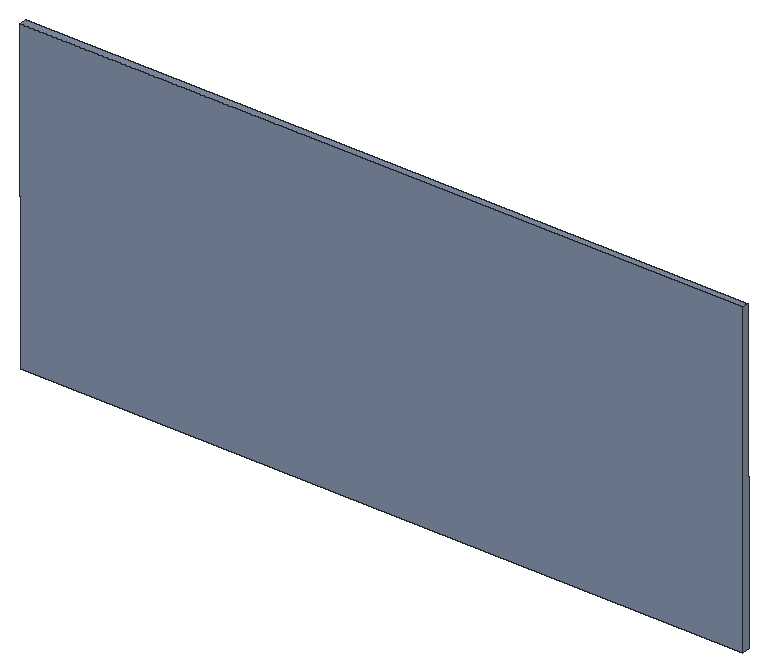
Revit family "Haworth_Compose_Panel_TileBenching", category Furniture Systems, Revit 2018
Family settings
  Round Connector Dimension = Use Diameter
  Part Type = Normal
  OmniClass Number = 23.40.70.14.64.21
  OmniClass Title = Systems Furniture
  Work Plane-Based = No
  Always vertical = Yes
  Cut with Voids When Loaded = No
  Shared = No
  Room Calculation Point = No
Parameters (values of type "Tackboard")
  Width = 63"
  Warranty = "http://www.haworth.com/resources/product-info/warranties"
  URL - Product = "http://www.haworth.com/products/workspaces/panel-based/compose"
  URL = "www.haworth.com"
  Tackboard = yes
  Sustainability Info = "http://media.haworth.com/asset/2999/Compose%20PEDS.pdf"
  Panel Finish = Haworth _ Fabric _ Tellure _ Sky 3A-32
  Model = "VZTI"  # constant formula
  Size = "Verify Final Dim. w/ Haworth"  # constant formula
  Revision Number = "5"  # constant formula
  Panel Width = Actual Width  # 63"
  Panel Height = Actual Height  # 27"
  Panel Depth = 5/8"
  Min/Max Width = "24-96 in. @ 6 in. Increments"  # constant formula
  Min/Max Height = "19 in., 27 in."  # constant formula
  Min. Width = 18"  # constant formula
  Max. Width = 96"  # constant formula
  Min. Height = 8"  # constant formula
  Max. Height = 27"  # constant formula
  Manufacturer = "Haworth"  # constant formula
  Height = 27"
  Description = "Haworth - Compose Panel - Accessories Benching - Tile"  # constant formula
  Author = "SHAPE Environments, LLC"  # constant formula
  Assembly Code = "E2020500"
  Actual Width = if(Width < Min. Width, Min. Width, if(Width > Max. Width, Max. Width, Width))  # 63"
  Panel Offset [instance] = 42"
  Actual Height = 27"
Reference planes (in)
  plane 1 "Center F/B": y = -0.82517
  plane 2: z = 0
  plane 3 "Center L/R": x = 0.09607
  plane 4 "Left Trim Inside": x = -31.40393
  plane 5 "Right Trim Inside": x = 31.59607
  plane 6 "Top": z = 69
  plane 7 "Panel Offset": z = 42
  plane 8 "Back": y = -0.51267
  plane 9 "Front": y = -1.13767
Lines and regions (in)
  Masking region 1
    outline origin (0, 0, 0) x (1, 0, 0) y (0, 1, 0)
      loop
        line (-31.40393, -0.51267) -> (-31.40393, -1.13767) -> (31.59607, -1.13767) -> (31.59607, -0.51267) -> (-31.40393, -0.51267)
  Masking region 2, not visible
    outline origin (0, 0, 0) x (1, 0, 0) y (0, 1, 0)
      loop
        line (-31.40393, -1.13767) -> (-31.40393, -2.13767) -> (31.59607, -2.13767) -> (31.59607, -1.13767) -> (-31.40393, -1.13767)
Dimensions and locks (in)
  equal spacing: plane 4 "Left Trim Inside", plane 3 "Center L/R", plane 5 "Right Trim Inside"
  "Actual Width": plane 4 "Left Trim Inside" to plane 5 "Right Trim Inside"
  "Actual Height": plane 6 "Top" to plane 7 "Panel Offset"
  "Panel Offset": plane 7 "Panel Offset" to plane 2
  equal spacing: plane 8 "Back", plane 1 "Center F/B", plane 9 "Front"
  "Panel Depth": plane 8 "Back" to plane 9 "Front"
  aligned and locked: plane 3 "Center L/R" to nested 1
  aligned: plane 1 "Center F/B" to nested 1
  aligned and locked: nested 1 to plane 7 "Panel Offset"
  aligned and locked: nested 1 to Masking region 1 sketch curve
  aligned and locked: Masking region 1 sketch curve to nested 1  (x3)
  aligned and locked: plane 8 "Back" to nested 1
  aligned and locked: plane 9 "Front" to nested 1
  aligned and locked: Masking region 2 sketch curve to plane 5 "Right Trim Inside"
  aligned and locked: Masking region 2 sketch curve to plane 9 "Front"
  aligned and locked: plane 4 "Left Trim Inside" to Masking region 2 sketch curve
Automatic sketch dimensions
  Masking region 2 sketch curve to plane 9 "Front" = 1"
Nested families (in)
  nested 1: "Haworth_Compose - Panel_Solid" at (-1.08413, -0.79494, 42), type "Haworth_Enclose - Panel_Solid"
    with Panel Width 63", Panel Height 27", Panel Depth 5/8"
Definition of nested family "Haworth_Compose - Panel_Solid"
  Parameters
    URL = "www.haworth.com"
    Revision Number = "1"  # constant formula
    Revision Date = ""
    Panel Width = 36"
    Panel Height = 108"
    Panel Finish = none
    Panel Depth = 1/2"
    Manufacturer = "Haworth"  # constant formula
    Author = "SHAPE Environments, LLC"  # constant formula
    Assembly Code = ""
  Reference planes (in)
    plane 1 "Center F/B": y = -0.03024
    plane 2: z = 0
    plane 3 "Center L/R": x = 1.1802
    plane 4 "Left": x = -16.8198
    plane 5 "Right": x = 19.1802
    plane 6 "Back": y = 0.21976
    plane 7 "Front": y = -0.28024
    plane 8 "Top": z = 108
  Forms (in)
    Extrusion 1, solid, material <- "Panel Finish"
      sketch origin (0, -0.03024, 0) x (1, 0, 0) y (0, 0, 1)
        loop
          line (-16.8198, 108) -> (-16.8198, 0) -> (19.1802, 0) -> (19.1802, 108) -> (-16.8198, 108)
      from -0.25 to 0.25
  Dimensions and locks (in)
    "Panel Height": plane 8 "Top" to level
    equal spacing: plane 6 "Back", plane 1 "Center F/B", plane 7 "Front"
    "Panel Depth": plane 6 "Back" to plane 7 "Front"
    equal spacing: plane 4 "Left", plane 3 "Center L/R", plane 5 "Right"
    "Panel Width": plane 4 "Left" to plane 5 "Right"
    aligned and locked: plane 4 "Left" to Extrusion 1 sketch curve
    aligned and locked: Extrusion 1 sketch curve to plane 8 "Top"
    aligned and locked: level to Extrusion 1 sketch curve
    aligned and locked: Extrusion 1 sketch curve to plane 5 "Right"
    aligned and locked: plane 6 "Back" to Extrusion 1
    aligned and locked: Extrusion 1 to plane 7 "Front"
Types in the file's own list only (20): name | Width | Panel Width | Height | Actual Width
  Tackboard 18w 19h | 18" | 18" | 19" | 18"
  Tackboard 24w 19h | 24" | 24" | 19" | 24"
  Tackboard 30w 19h | 30" | 30" | 19" | 30"
  Tackboard 36w 19h | 36" | 36" | 19" | 36"
  Tackboard 42w 19h | 42" | 42" | 19" | 42"
  Tackboard 48w 19h | 48" | 48" | 19" | 48"
  Tackboard 54w 19h | 54" | 54" | 19" | 54"
  Tackboard 60w 19h | 60" | 60" | 19" | 60"
  Tackboard 66w 19h | 66" | 66" | 19" | 66"
  Tackboard 72w 19h | 72" | 72" | 19" | 72"
  Tackboard 18w 27h | 18" | 18" | 27" | 18"
  Tackboard 24w 27h | 24" | 24" | 27" | 24"
  Tackboard 30w 27h | 30" | 30" | 27" | 30"
  Tackboard 36w 27h | 36" | 36" | 27" | 36"
  Tackboard 42w 27h | 42" | 42" | 27" | 42"
  Tackboard 48w 27h | 48" | 48" | 27" | 48"
  Tackboard 54w 27h | 54" | 54" | 27" | 54"
  Tackboard 60w 27h | 60" | 60" | 27" | 60"
  Tackboard 66w 27h | 66" | 66" | 27" | 66"
  Tackboard 72w 27h | 72" | 72" | 27" | 72"
